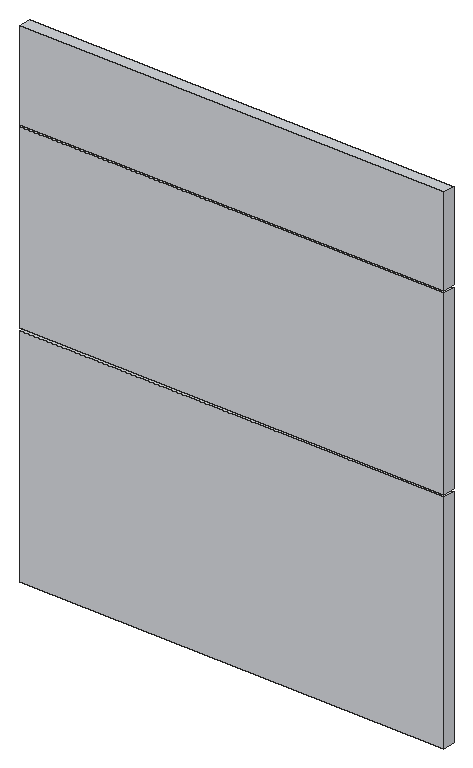
Revit family "Front - 3 Drawers", category Casework, Revit 2027
Family settings
  Work Plane-Based = No
  Always vertical = Yes
  Cut with Voids When Loaded = No
  Shared = No
  Room Calculation Point = No
Parameters (values of type "Front - 3 Drawers")
  Width = 600 mm
  Swing = yes
  Height = 704 mm
  Front Finish = none
  Depth = 16 mm
  Default Elevation = 0 mm
  Creator Organization [instance] = "© Danish Educational Content"  # constant formula
  Creator Name [instance] = "© Erik Falck Jørgensen"  # constant formula
  Creator Build [instance] = "2023.0405.0"  # constant formula
  Assembly Code = ""
Reference planes
  plane 1 "Front": y = 0
  plane 2: z = 0
  plane 3 "Center (Left/Right)": x = 0
  plane 4: x = -300
  plane 5: x = 300
  plane 6: z = 704
  plane 7: z = 576
  plane 8: z = 320
  plane 9: z = 576
  plane 10: z = 320
Forms (mm)
  Extrusion 1, solid, material <- "Front Finish"
    sketch origin (0, 0, 0) x (1, 0, 0) y (0, 0, 1)
      loop
        line (-297, 701) -> (-297, 3) -> (297, 3) -> (297, 701) -> (-297, 701)
    from 0 to 16 <- "Depth"
  Extrusion 2, void
    sketch origin (0, 0, 0) x (0, 1, 0) y (0, 0, 1)
      loop
        line (0, 577.5) -> (-16, 577.5) -> (-16, 574.5) -> (0, 574.5) -> (0, 577.5)
    from -300 to 300
  Extrusion 3, void
    sketch origin (0, 0, -256) x (0, 1, 0) y (0, 0, 1)
      loop
        line (0, 577.5) -> (-16, 577.5) -> (-16, 574.5) -> (0, 574.5) -> (0, 577.5)
    from -300 to 300
Cuts and joins
  Extrusion 2, Extrusion 3 cuts Extrusion 1
Lines and regions (mm)
  symbolic lines, style "Elevation Swing", visible <- "Swing"
    curve 1: line (-279.787, -35.011, 0) -> (279.787, -35.011, 0)
    curve 2: line (-259.597, -69.981, 0) -> (259.597, -69.981, 0)
    curve 3: line (-239.407, -104.951, 0) -> (239.407, -104.951, 0)
  symbolic lines, style "InvisibleLines"
    curve 4: line (-300, 0, 0) -> (-199.009, -174.921, 0)
    curve 5: line (300, 0, 0) -> (199.009, -174.921, 0)
  reference lines
    curve 6: line (-300, 0, 0) -> (-100, -346.41, 0)
    curve 7: line (300, 0, 0) -> (102.5, -342.08, 0)
Dimensions and locks
  equal spacing: plane 4, plane 3 "Center (Left/Right)", plane 5
  "Width": plane 4 to plane 5
  "Height": plane 6 to plane 2
  locked: Extrusion 1 sketch curve to plane 2 at 3
  locked: plane 6 to Extrusion 1 sketch curve at 3
  locked: Extrusion 1 sketch curve to plane 4 at 3
  locked: plane 5 to Extrusion 1 sketch curve at 3
  plane 6 to plane 7 to plane 8 to plane 2 = 128 mm, 256 mm, 320 mm
  equal spacing: Extrusion 2 sketch curve, plane 9, Extrusion 2 sketch curve
  locked: Extrusion 2 sketch curve to Extrusion 2 sketch curve at 3
  equal spacing: Extrusion 3 sketch curve, plane 10, Extrusion 3 sketch curve
  locked: Extrusion 3 sketch curve to Extrusion 3 sketch curve at 3
  curve 3 to curve 2 to curve 1 to plane 1 "Front" = 34.97 mm locked, 34.97 mm locked, 35.011 mm locked
  locked: plane 4 to curve 6 (angle 30.00°)
  locked: curve 7 to plane 5 (angle 30.00°)
  aligned and locked: level to plane 2
  aligned and locked: Extrusion 2 sketch curve to Extrusion 1  (x2)
  aligned and locked: plane 7 to plane 9
  aligned and locked: plane 8 to plane 10
  aligned and locked: cut or joined group of Extrusion 1, Extrusion 2, Extrusion 3 to plane 4  (x2)
  aligned: cut or joined group of Extrusion 1, Extrusion 2, Extrusion 3 to plane 4  (x2)
  aligned: plane 5 to cut or joined group of Extrusion 1, Extrusion 2, Extrusion 3  (x2)
  aligned and locked: plane 5 to cut or joined group of Extrusion 1, Extrusion 2, Extrusion 3  (x2)
  aligned and locked: curve 7 to curve 5
  aligned and locked: curve 4 to curve 6
Automatic sketch dimensions
  Extrusion 3 sketch curve to plane 1 "Front" = 0 mm
  Extrusion 3 sketch curve to Extrusion 3 sketch curve = 16 mm
  plane 1 "Front" to curve 6 = 0 mm
  curve 6 to plane 4 = 0 mm
  plane 1 "Front" to curve 7 = 0 mm
  curve 7 to plane 5 = 0 mm
  plane 1 "Front" to curve 4 = 0 mm
  plane 1 "Front" to curve 5 = 0 mm
  curve 3 to curve 4 = 40.397 mm
  curve 5 to curve 3 = 40.397 mm
